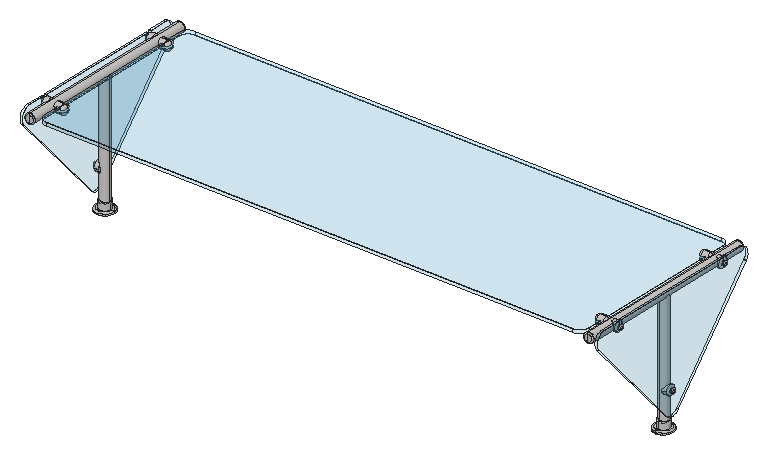
Revit family "QF_ENGLISH_M-108", category Casework, Revit 2018
Family settings
  Work Plane-Based = No
  Always vertical = Yes
  Cut with Voids When Loaded = No
  Shared = No
  Room Calculation Point = No
Parameters
  Weight in Pounds = 0
  URL Cutsheet = ""
  Type Mark [instance] = ""
  Status [instance] = ""
  Specification by User [instance] = ""
  Specification by Manufacturer = ""
  Show Right Glass [instance] = yes
  Show Left Glass [instance] = yes
  Serial Number = ""
  Seismic Rating = ""
  SMACNA No = ""
  Revision Code [instance] = ""
  RS Symbolic [instance] = not(Show Right Glass)  # no
  Omniclass Number and Title = ""
  NAFEM Spec ID Number = ""
  Model = "M-108"
  Masterspec = ""
  Manufacturer = "ENGLISH MFG. INC."
  Length [instance] = 60"
  LS Symbolic [instance] = not(Show Left Glass)  # no
  Item Number [instance] = ""
  Installed By [instance] = ""
  Identify Quantity as Lot [instance] = yes
  H Code [instance] = 13 3/16"
  Glass Thickness [instance] = 3/8"  # constant formula
  Glass Material [instance] = Glass
  Furnished By [instance] = ""
  Foodservice Equipment Identifier [instance] = yes
  Description = "MATRIX SERIES"
  Depth [instance] = 20"
  CSI MasterFormat = ""
  CSI Master Format = ""
  Assembly Code = ""
Reference planes
  plane 1 "BACK": y = 0
  plane 2: z = 0
  plane 3 "LEFT": x = 0
  plane 4 "RIGHT": x = 1524
  plane 5 "FRONT": y = -508
  plane 6 "TOP": z = 334.963
  plane 7 "Center Y": x = 762
  plane 8 "Center X": y = -254
  plane 9 "F": y = -431.8
  plane 10 "B": y = -76.2
Forms (mm)
  Revolve 1, solid, material "QF_Finishes_Stainless Steel"
    sketch origin (0, -254, 0) x (-1, 0, 0) y (0, 0, 1)
      loop
        line (0, 0) -> (25.4, 0) -> (25.4, 3.175)
        arc (25.4, 3.175) -> (24.467, 5.42) -> (22.222, 6.35) r 3.175
        line (22.222, 6.35) -> (15.177, 6.35) -> (15.177, 23.813)
        arc (15.177, 23.813) -> (14.71, 24.935) -> (13.587, 25.4) r 1.588
        line (13.587, 25.4) -> (12.7, 25.4) -> (12.7, 334.963) -> (0, 334.963) -> (0, 25.4) -> (0, 0)
      axis (0, 334.963) -> (0, 0)
    angle from 0 to 360
  Extrusion 2, solid, material "QF_Finishes_Stainless Steel", visible <- "Show Right Glass"
    sketch origin (1524, 0, 0) x (0, -1, 0) y (0, 0, 1)
      loop
        circle (76.2, 334.955) r 12.7
      loop
        circle (431.8, 334.962) r 12.7
      loop
        circle (254, 101.6) r 12.7
    from -19.05 to -6.102
  Extrusion 3, solid, material "QF_Finishes_Stainless Steel", visible <- "Show Right Glass"
    sketch origin (1543.05, 0, 0) x (0, 1, 0) y (0, 0, 1)
      loop
        circle (-76.2, 334.955) r 3.175
      loop
        circle (-431.8, 334.962) r 3.175
      loop
        circle (-254, 101.6) r 3.175
    from 0 to 9.525
  Extrusion 4, solid, material "Glass" <- "Glass Material", visible <- "Show Left Glass"
    sketch origin (-19.05, -419.1, 482.285) x (0, 0, -1) y (0, -1, 0)
      loop
        line (131.447, 66.675) -> (131.447, 17.462) -> (147.322, 17.462)
        arc (147.322, 17.462) -> (152.085, 12.7) -> (147.322, 7.937) r 4.762
        line (147.322, 7.937) -> (131.447, 7.937) -> (131.447, -338.138) -> (147.322, -338.138)
        arc (147.322, -338.138) -> (152.085, -342.9) -> (147.322, -347.663) r 4.762
        line (147.322, -347.663) -> (131.447, -347.663) -> (131.447, -396.875)
        arc (131.447, -396.875) -> (146.418, -420.035) -> (173.682, -415.895) r 25.4
        line (173.682, -415.895) -> (434.396, -185.136)
        arc (434.396, -185.136) -> (444.185, -165.1) -> (434.396, -145.064) r 25.4
        line (434.396, -145.064) -> (173.682, 85.695)
        arc (173.682, 85.695) -> (146.418, 89.835) -> (131.447, 66.675) r 25.4
    from 0 to 6.35
  Extrusion 5, solid, material "Glass" <- "Glass Material", visible <- "Show Right Glass"
    sketch origin (1543.05, 0, 0) x (0, 1, 0) y (0, 0, 1)
      loop
        line (-22.225, 350.837) -> (-71.438, 350.837) -> (-71.438, 334.963)
        arc (-71.438, 334.963) -> (-76.2, 330.2) -> (-80.963, 334.963) r 4.762
        line (-80.963, 334.963) -> (-80.963, 350.837) -> (-427.038, 350.837) -> (-427.038, 334.963)
        arc (-427.038, 334.963) -> (-431.8, 330.2) -> (-436.563, 334.963) r 4.762
        line (-436.563, 334.963) -> (-436.563, 350.837) -> (-485.775, 350.837)
        arc (-485.775, 350.837) -> (-508.935, 335.867) -> (-504.795, 308.603) r 25.4
        line (-504.795, 308.603) -> (-274.036, 47.889)
        arc (-274.036, 47.889) -> (-254, 38.1) -> (-233.964, 47.889) r 25.4
        line (-233.964, 47.889) -> (-3.205, 308.603)
        arc (-3.205, 308.603) -> (0.935, 335.867) -> (-22.225, 350.837) r 25.4
      loop
        circle (-254, 101.6) r 4.762
    from 0 to 6.35
  Extrusion 6, solid, material "Glass" <- "Glass Material"
    sketch origin (17.751, -396.772, 330.2) x (0, -1, 0) y (1, 0, 0)
      loop
        arc (-396.772, 26.699) -> (-389.333, 8.738) -> (-371.372, 1.299) r 25.4
        line (-371.372, 1.299) -> (85.828, 1.299)
        arc (85.828, 1.299) -> (103.789, 8.738) -> (111.228, 26.699) r 25.4
        line (111.228, 26.699) -> (111.228, 1461.799)
        arc (111.228, 1461.799) -> (103.789, 1479.759) -> (85.828, 1487.199) r 25.4
        line (85.828, 1487.199) -> (-371.372, 1487.199)
        arc (-371.372, 1487.199) -> (-389.333, 1479.759) -> (-396.772, 1461.799) r 25.4
        line (-396.772, 1461.799) -> (-396.772, 26.699)
    from 0 to 9.525 <- "Glass Thickness"
  Revolve 7, solid, material "QF_Finishes_Stainless Steel"
    sketch origin (1524, 0, 0) x (0, -1, 0) y (0, 0, 1)
      loop
        line (254, 0) -> (279.4, 0) -> (279.4, 3.175)
        arc (279.4, 3.175) -> (278.467, 5.42) -> (276.222, 6.35) r 3.175
        line (276.222, 6.35) -> (269.177, 6.35) -> (269.177, 23.813)
        arc (269.177, 23.813) -> (268.71, 24.935) -> (267.587, 25.4) r 1.588
        line (267.587, 25.4) -> (266.7, 25.4) -> (266.7, 334.962) -> (254, 334.962) -> (254, 25.4) -> (254, 0)
      axis (254, 334.962) -> (254, 0)
    angle from 0 to 360
  Revolve 8, solid, material "QF_Finishes_Stainless Steel"
    sketch origin (1524, -177.8, 584.2) x (0, 0, -1) y (0, -1, 0)
      loop
        line (249.237, 333.654) -> (249.237, -181.254) -> (260.191, -181.254)
        arc (260.191, -181.254) -> (261.917, -179.527) -> (260.191, -177.8) r 1.727
        line (260.191, -177.8) -> (261.937, -177.8) -> (261.937, 330.2) -> (260.191, 330.2)
        arc (260.191, 330.2) -> (261.917, 331.927) -> (260.191, 333.654) r 1.727
        line (260.191, 333.654) -> (249.237, 333.654)
      axis (249.237, -181.254) -> (249.237, 333.654)
    angle from 0 to 360
  Revolve 9, solid, material "QF_Finishes_Stainless Steel"
    sketch origin (0, -177.8, 584.2) x (0, 0, -1) y (0, -1, 0)
      loop
        line (249.238, 333.654) -> (249.238, -181.254) -> (260.191, -181.254)
        arc (260.191, -181.254) -> (261.917, -179.527) -> (260.191, -177.8) r 1.727
        line (260.191, -177.8) -> (261.937, -177.8) -> (261.937, 330.2) -> (260.191, 330.2)
        arc (260.191, 330.2) -> (261.917, 331.927) -> (260.191, 333.654) r 1.727
        line (260.191, 333.654) -> (249.238, 333.654)
      axis (249.238, -181.254) -> (249.238, 333.654)
    angle from 0 to 360
Cuts and joins
  joined: Revolve 1, Revolve 7, Revolve 8, Revolve 9
Lines and regions (mm)
  symbolic lines, style "CaseworkHiddenLines"
    curve 1: line (44.45, 0, 0) -> (1479.55, 0, 0)
    curve 2: line (19.05, -482.6, 0) -> (19.05, -444.5, 0)
    curve 3: line (1479.55, -508, 0) -> (44.45, -508, 0)
    curve 4: line (19.05, -63.5, 0) -> (19.05, -25.4, 0)
    curve 5: line (19.05, -419.1, 0) -> (19.05, -88.9, 0)
    curve 6: line (1504.95, -482.6, 0) -> (1504.95, -444.5, 0)
    curve 7: line (1504.95, -63.5, 0) -> (1504.95, -25.4, 0)
    curve 8: line (1504.95, -419.1, 0) -> (1504.95, -88.9, 0)
  symbolic lines
    curve 9: arc (19.05, -25.4, 0) -> (26.49, -7.439, 0) -> (44.45, 0, 0) r 25.4
    curve 10: arc (1479.55, 0, 0) -> (1497.51, -7.439, 0) -> (1504.95, -25.4, 0) r 25.4
    curve 11: arc (1479.55, -508, 0) -> (1497.51, -500.561, 0) -> (1504.95, -482.6, 0) r 25.4
    curve 12: arc (19.05, -482.6, 0) -> (26.49, -500.561, 0) -> (44.45, -508, 0) r 25.4
Dimensions and locks
  equal spacing: plane 3 "LEFT", plane 7 "Center Y", plane 4 "RIGHT"
  "Length": plane 3 "LEFT" to plane 4 "RIGHT"
  equal spacing: plane 5 "FRONT", plane 8 "Center X", plane 1 "BACK"
  "Depth": plane 5 "FRONT" to plane 1 "BACK"
  "H Code": plane 6 "TOP" to level
  locked: plane 3 "LEFT" to Extrusion 6 sketch curve at 19.05
  locked: Extrusion 6 sketch curve to plane 4 "RIGHT" at 19.05
  locked: plane 9 "F" to plane 5 "FRONT" at 76.2
  locked: plane 1 "BACK" to plane 10 "B" at 76.2
  plane 5 "FRONT" to plane 1 "BACK" = 20"
  Extrusion 6 to level = 13"
  cut or joined group of Revolve 1, Revolve 7, Revolve 8, Revolve 9 to level = 1"
  locked: nested 4 to plane 4 "RIGHT" at 12.7
  locked: nested 3 to plane 4 "RIGHT" at 12.7
  plane 6 "TOP" to level = 13 3/16"
  locked: plane 5 "FRONT" to Extrusion 4 sketch curve at 22.225
  locked: Extrusion 4 sketch curve to plane 8 "Center X" at 20.036
  locked: plane 8 "Center X" to Extrusion 4 sketch curve at 20.036
  locked: Extrusion 4 sketch curve to plane 1 "BACK" at 22.225
  locked: plane 5 "FRONT" to Extrusion 5 sketch curve at 22.225
  locked: Extrusion 5 sketch curve to plane 1 "BACK" at 22.225
  locked: plane 8 "Center X" to Extrusion 5 sketch curve at 20.036
  locked: Extrusion 5 sketch curve to plane 8 "Center X" at 20.036
  aligned and locked: level to plane 2
  aligned and locked: plane 6 "TOP" to Revolve 1
  aligned and locked: plane 1 "BACK" to Extrusion 6 sketch curve
  aligned and locked: Extrusion 6 sketch curve to plane 5 "FRONT"
  aligned and locked: nested 5 to plane 3 "LEFT"
  aligned and locked: plane 8 "Center X" to nested 5
  aligned and locked: plane 9 "F" to nested 6
  aligned and locked: plane 10 "B" to nested 7
  aligned and locked: plane 4 "RIGHT" to nested 9
  aligned and locked: plane 4 "RIGHT" to nested 8
  aligned and locked: plane 4 "RIGHT" to nested 10
  aligned and locked: nested 9 to plane 9 "F"
  aligned and locked: nested 10 to plane 10 "B"
  aligned and locked: nested 8 to plane 8 "Center X"
  aligned and locked: plane 9 "F" to nested 1
  aligned and locked: plane 9 "F" to nested 3
Automatic sketch dimensions
  Revolve 1 sketch curve to plane 3 "LEFT" = 0"  (x2)
  Revolve 1 sketch curve to level = 0"
  Revolve 1 sketch curve to plane 6 "TOP" = 0"
  Revolve 1 sketch curve to Revolve 1 sketch curve = 1/2"
  Revolve 1 sketch curve to Revolve 1 sketch curve = 0.03494"
  Revolve 1 sketch curve to Revolve 1 sketch curve = 1/16"
  level to Revolve 1 sketch curve = 1/4"
  Revolve 1 sketch curve to plane 3 "LEFT" = 0.5975"
  level to Revolve 1 sketch curve = 1/8"
  Revolve 1 sketch curve to Revolve 1 sketch curve = 0.27739"
  Revolve 1 sketch curve to Revolve 1 sketch curve = 0.00011"
  Revolve 1 sketch curve to Revolve 1 sketch curve = 1/4"
  Revolve 1 sketch curve to Revolve 1 sketch curve = 0"  (x4)
  Revolve 1 sketch curve to Revolve 1 sketch curve = 11/16"
  Extrusion 2 sketch curve to plane 10 "B" = 0"
  Extrusion 2 sketch curve to plane 8 "Center X" = 0"
  Extrusion 2 sketch curve to plane 9 "F" = 0"
  level to Extrusion 2 sketch curve = 4"
  Extrusion 2 sketch curve to plane 6 "TOP" = 0.0003"
  Extrusion 2 sketch curve to plane 6 "TOP" = 0"
  Revolve 7 sketch curve to plane 8 "Center X" = 0"  (x2)
  Revolve 7 sketch curve to level = 0"
  Revolve 7 sketch curve to plane 6 "TOP" = 0"
  Revolve 7 sketch curve to plane 8 "Center X" = 1/2"
  Revolve 7 sketch curve to Revolve 7 sketch curve = 0.03494"
  Revolve 7 sketch curve to Revolve 7 sketch curve = 1/16"
  level to Revolve 7 sketch curve = 1/4"
  Revolve 7 sketch curve to plane 8 "Center X" = 0.5975"
  level to Revolve 7 sketch curve = 1/8"
  Revolve 7 sketch curve to Revolve 7 sketch curve = 0.27739"
  Revolve 7 sketch curve to Revolve 7 sketch curve = 0.00011"
  Revolve 7 sketch curve to Revolve 7 sketch curve = 1/4"
  Revolve 7 sketch curve to Revolve 7 sketch curve = 0"  (x4)
  Revolve 7 sketch curve to Revolve 7 sketch curve = 11/16"
  Revolve 8 sketch curve to plane 6 "TOP" = 0"  (x2)
  Revolve 8 sketch curve to plane 1 "BACK" = 0"
  Revolve 8 sketch curve to plane 5 "FRONT" = 0"  (x2)
  Revolve 8 sketch curve to plane 6 "TOP" = 0.43122"  (x2)
  Revolve 8 sketch curve to Revolve 8 sketch curve = 0"  (x2)
  plane 1 "BACK" to Revolve 8 sketch curve = 0"
  Revolve 8 sketch curve to Revolve 8 sketch curve = 0.06878"
  Revolve 8 sketch curve to Revolve 8 sketch curve = 0.06799"
  Revolve 8 sketch curve to plane 5 "FRONT" = 1/2"
  plane 5 "FRONT" to Revolve 8 sketch curve = 0.06799"
  Revolve 8 sketch curve to Revolve 8 sketch curve = 1.86402"
  Revolve 9 sketch curve to plane 6 "TOP" = 0"  (x2)
  Revolve 9 sketch curve to plane 1 "BACK" = 0"
  Revolve 9 sketch curve to plane 5 "FRONT" = 0"  (x2)
  Revolve 9 sketch curve to plane 6 "TOP" = 0.43122"  (x2)
  Revolve 9 sketch curve to Revolve 9 sketch curve = 0"  (x2)
  plane 1 "BACK" to Revolve 9 sketch curve = 0"
  Revolve 9 sketch curve to Revolve 9 sketch curve = 0.06878"
  Revolve 9 sketch curve to Revolve 9 sketch curve = 0.06799"
  Revolve 9 sketch curve to plane 5 "FRONT" = 1/2"
  plane 5 "FRONT" to Revolve 9 sketch curve = 0.06799"
  Revolve 9 sketch curve to Revolve 9 sketch curve = 1.86402"
  plane 6 "TOP" to Extrusion 4 sketch curve = 5/8"
  Extrusion 4 sketch curve to plane 6 "TOP" = 3/8"  (x2)
  Extrusion 4 sketch curve to plane 5 "FRONT" = 0.12619"
  level to Extrusion 4 sketch curve = 1.88539"
  Extrusion 4 sketch curve to plane 8 "Center X" = 0"
  Extrusion 4 sketch curve to Extrusion 4 sketch curve = 0.61461"
  plane 1 "BACK" to Extrusion 4 sketch curve = 0.12619"
  Extrusion 4 sketch curve to plane 6 "TOP" = 1.03778"
  plane 10 "B" to Extrusion 4 sketch curve = 3/16"
  plane 9 "F" to Extrusion 4 sketch curve = 3/16"
  plane 1 "BACK" to Extrusion 6 sketch curve = 1"  (x2)
  Extrusion 6 sketch curve to plane 5 "FRONT" = 1"  (x2)
  plane 1 "BACK" to curve 1 = 0"
  plane 5 "FRONT" to curve 12 = 0"
  plane 3 "LEFT" to curve 4 = 3/4"
  plane 3 "LEFT" to curve 2 = 3/4"
  plane 4 "RIGHT" to curve 1 = 1 3/4"
  plane 4 "RIGHT" to curve 3 = 1 3/4"
  plane 4 "RIGHT" to curve 6 = 3/4"
  plane 4 "RIGHT" to curve 7 = 3/4"
  curve 12 to plane 5 "FRONT" = 1"
  curve 2 to plane 9 "F" = 1/2"
  curve 6 to plane 9 "F" = 1/2"
  plane 9 "F" to curve 8 = 1/2"
  plane 9 "F" to curve 5 = 1/2"
  curve 8 to plane 10 "B" = 1/2"
  curve 5 to plane 10 "B" = 1/2"
  plane 10 "B" to curve 4 = 1/2"
  curve 4 to curve 1 = 1"
  plane 3 "LEFT" to curve 5 = 3/4"
  plane 10 "B" to curve 7 = 1/2"
  plane 4 "RIGHT" to curve 8 = 3/4"
  Extrusion 5 sketch curve to Extrusion 5 sketch curve = 0.74882"  (x2)
  Extrusion 5 sketch curve to Extrusion 5 sketch curve = 1 15/16"  (x2)
  Extrusion 5 sketch curve to Extrusion 5 sketch curve = 3/16"  (x2)
  Extrusion 5 sketch curve to Extrusion 5 sketch curve = 0.78883"
  Extrusion 5 sketch curve to Extrusion 5 sketch curve = 0.61461"
  Extrusion 5 sketch curve to Extrusion 5 sketch curve = 10.26433"  (x2)
  Extrusion 5 sketch curve to Extrusion 5 sketch curve = 0.66278"  (x2)
  Extrusion 5 sketch curve to Extrusion 5 sketch curve = 5/8"  (x2)
  Extrusion 5 sketch curve to Extrusion 5 sketch curve = 0"
  Extrusion 5 sketch curve to Extrusion 5 sketch curve = 1 1/2"
  Extrusion 4 sketch curve to plane 9 "F" = 3/16"
  Extrusion 4 sketch curve to Extrusion 4 sketch curve = 0"
  Extrusion 4 sketch curve to plane 10 "B" = 3/16"
  Extrusion 4 sketch curve to plane 6 "TOP" = 0"  (x2)
  radius of Extrusion 2 sketch curve = 1/2"  (x3)
  radius of Extrusion 3 sketch curve to Extrusion 2 = 3/8"  (x3)
  radius of Extrusion 5 sketch curve to Extrusion 2 = 5/16"
Nested families
  nested 1: "M-120" at (9.476, -811.985, 334.963), Glass Thickness <- "Glass Thickness", type "M-120"
    with Type Mark "", Status "", Specification by User "", Revision Code "", Item Number "", Installed By "", Identify Quantity as Lot yes, H 13 1/4", Glass Thickness 3/8", Furnished By "", Foodservice Equipment Identifier yes, Angle 90.00°
  nested 2: "M-120" at (9.476, -456.385, 334.955), Glass Thickness <- "Glass Thickness", type "M-120"
    with Type Mark "", Status "", Specification by User "", Revision Code "", Item Number "", Installed By "", Identify Quantity as Lot yes, H 13 1/4", Glass Thickness 3/8", Furnished By "", Foodservice Equipment Identifier yes, Angle 90.00°
  nested 3: "M-120" at (1514.475, -811.985, 334.963) x (-1, 0, 0) z (0, 0, 1), Glass Thickness <- "Glass Thickness", type "M-120"
    with Type Mark "", Status "", Specification by User "", Revision Code "", Item Number "", Installed By "", Identify Quantity as Lot yes, H 13 1/4", Glass Thickness 3/8", Furnished By "", Foodservice Equipment Identifier yes, Angle 90.00°
  nested 4: "M-120" at (1514.475, -456.385, 334.963) x (-1, 0, 0) z (0, 0, 1), Glass Thickness <- "Glass Thickness", type "M-120"
    with Status "", Specification by User "", Revision Code "", Item Number "", Installed By "", Identify Quantity as Lot yes, Furnished By "", Foodservice Equipment Identifier yes, Angle 90.00°
  nested 5: "Glass Clip" at (0, -254, 101.6) x (-1, 0, 0) z (0, 0, 1), visible <- "Show Left Glass", type "Glass Clip"
  nested 6: "Glass Clip" at (0, -431.8, 334.963) x (-1, 0, 0) z (0, 0, 1), visible <- "Show Left Glass", type "Glass Clip"
  nested 7: "Glass Clip" at (0, -76.2, 334.963) x (-1, 0, 0) z (0, 0, 1), visible <- "Show Left Glass", type "Glass Clip"
  nested 8: "Glass Clip" at (1524, -254, 101.6), visible <- "Show Right Glass", type "Glass Clip"
  nested 9: "Glass Clip" at (1524, -431.8, 334.963), visible <- "Show Right Glass", type "Glass Clip"
  nested 10: "Glass Clip" at (1524, -76.2, 334.962), visible <- "Show Right Glass", type "Glass Clip"
Definition of nested family "M-120"
  Parameters (values of type "M-120")
    Weight in Pounds = 0
    URL Cutsheet = ""
    Type Mark [instance] = ""
    Status [instance] = ""
    Specification by User [instance] = ""
    Specification by Manufacturer = ""
    Serial Number = ""
    Seismic Rating = ""
    SMACNA No = ""
    Revision Code [instance] = ""
    Omniclass Number and Title = ""
    NAFEM Spec ID Number = ""
    Masterspec = ""
    Item Number [instance] = ""
    Installed By [instance] = ""
    Identify Quantity as Lot [instance] = yes
    H [instance] = 13 1/4"
    Glass Thickness [instance] = 3/8"
    Furnished By [instance] = ""
    Foodservice Equipment Identifier [instance] = yes
    CSI MasterFormat = ""
    CSI Master Format = ""
    Assembly Code = ""
    Angle [instance] = 0.00°
  Reference planes
    plane 1 "BACK": y = 0
    plane 2: z = 0
    plane 3 "LEFT": x = -0.496
    plane 4 "RIGHT": x = 28.575
    plane 5 "FRONT": y = -25.4
    plane 6 "TOP": z = 419.1
    plane 7 "Center Y": x = 14.039
    plane 8 "Center X": y = -12.7
    plane 9: y = 0
    plane 10: y = -25.4
    plane 11: x = -8.98
  Forms (mm)
    Extrusion 1, void
      sketch origin (14.039, -12.7, 0) x (0, 0, 1) y (0, 1, 0)
        loop
          line (27.365, -4.762) -> (27.365, 4.763) -> (-421.72, 4.763) -> (-421.72, -4.762) -> (27.365, -4.762)
      from -14.536 to 4.911
    Revolve 2, solid
      sketch origin (14.039, -12.7, 0) x (1, 0, 0) y (0, 1, 0)
        loop
          arc (6.916, -12.7) -> (12.304, -10.468) -> (14.536, -5.08) r 7.62
          line (14.536, -5.08) -> (14.536, 0) -> (-15.317, 0) -> (-15.317, -8.248) -> (-10.864, -12.7) -> (6.916, -12.7)
        axis (-15.317, 0) -> (14.536, 0)
      angle from 0 to 360
  Cuts and joins
    Extrusion 1 cuts Revolve 2
  Lines and regions (mm)
    reference lines
      curve 1: line (14.039, -12.7, 0) -> (14.039, -12.7, -392.885)
  Dimensions and locks
    equal spacing: plane 3 "LEFT", plane 7 "Center Y", plane 4 "RIGHT"
    plane 3 "LEFT" to plane 4 "RIGHT" = 1 37/256"  (x2)
    equal spacing: plane 5 "FRONT", plane 8 "Center X", plane 1 "BACK"
    plane 5 "FRONT" to plane 1 "BACK" = 1"
    "Glass Thickness": Extrusion 1 sketch curve to Extrusion 1 sketch curve
    locked: Extrusion 1 sketch curve to curve 1 at 28.835
    locked: Extrusion 1 sketch curve to curve 1 at 27.365
    "Angle": angle curve 1 to plane 8 "Center X"
    aligned and locked: level to plane 2
    aligned: Extrusion 1 to level
    aligned and locked: plane 2 to curve 1
  Automatic sketch dimensions
    Revolve 2 sketch curve to plane 3 "LEFT" = 0.03076"
    Revolve 2 sketch curve to plane 3 "LEFT" = 0"
    plane 5 "FRONT" to Revolve 2 sketch curve = 0"
    Revolve 2 sketch curve to plane 4 "RIGHT" = 0"
    Revolve 2 sketch curve to plane 5 "FRONT" = 0.17529"
    Revolve 2 sketch curve to Revolve 2 sketch curve = 0.17529"
    Revolve 2 sketch curve to plane 8 "Center X" = 0.2"
    plane 8 "Center X" to Revolve 2 sketch curve = 0"  (x2)
    Revolve 2 sketch curve to Revolve 2 sketch curve = 0.20247"
    Extrusion 1 sketch curve to curve 1 = 3/16"
    curve 1 to plane 8 "Center X" = 0"
Definition of nested family "Glass Clip"
  Reference planes
    plane 1 "Center X": y = 0
    plane 2: z = 0
    plane 3 "Center Y": x = 0
  Forms (mm)
    Extrusion 1, solid
      sketch origin (0, 0, 0) x (0, 1, 0) y (0, 0, 1)
        loop
          circle (0, 0) r 12.7
      from 19.05 to 6.35
    Extrusion 2, solid
      sketch origin (0, 0, 0) x (0, 1, 0) y (0, 0, 1)
        loop
          circle (0, 0) r 4.762
      from 25.4 to 19.05
    Revolve 3, solid
      sketch origin (0, 0, 0) x (1, 0, 0) y (0, 0, 1)
        loop
          line (27.781, 0) -> (27.781, -2.381) -> (28.575, -2.381)
          arc (28.575, -2.381) -> (29.698, -1.916) -> (30.163, -0.794) r 1.588
          line (30.163, -0.794) -> (30.163, 0) -> (27.781, 0)
        axis (27.781, 0) -> (30.163, 0)
      angle from 0 to 360
    Extrusion 4, solid
      sketch origin (0, 0, 0) x (0, 1, 0) y (0, 0, 1)
        loop
          circle (0, 0) r 6.35
      from 25.4 to 26.194
    Extrusion 5, solid
      sketch origin (0, 0, 0) x (0, 1, 0) y (0, 0, 1)
        loop
          line (0, 2.79) -> (-2.416, 1.395) -> (-2.416, -1.395) -> (0, -2.79) -> (2.416, -1.395) -> (2.416, 1.395) -> (0, 2.79)
      from 26.194 to 27.781
  Lines and regions (mm)
    symbolic lines
      curve 1: line (0, 0.693, 0) -> (0, -1.072, 0)
  Dimensions and locks
    aligned and locked: level to plane 2
